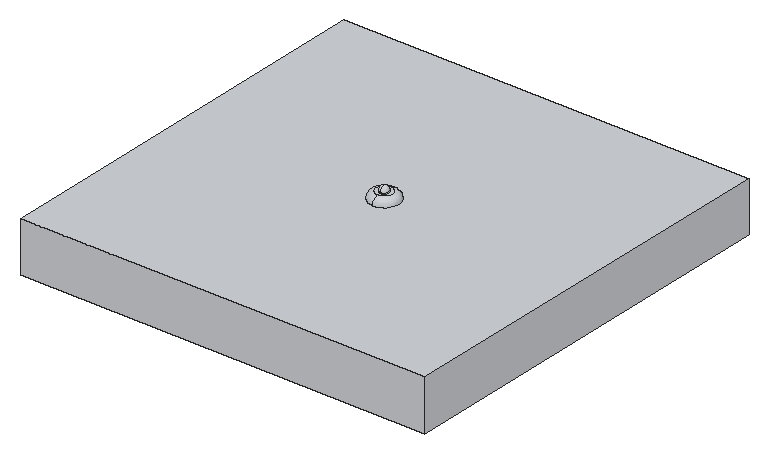
Revit family "M_Alto-falante estroboscópico do alarme de incêndio - Montado no forro", category Dispositivos de alarme de incêndio, Revit 2019
Family settings
  Hospedeiro = Face
  Manter orientação da anotação = Sim
  Cota do conector redondo = Utilizar diâmetro
  Tipo de parte = Normal
  Número OmniClass = 23.85.30.21.11.17
  Título OmniClass = Other Components
  ID de item do Seek = Fire Alarm Strobe Speaker - Ceiling Mounted-0000-CAN-ENU
  Corte com vazios quando carregada = Não
  Compartilhado = Não
  Ponto de cálculo do ambiente = Não
Parameters (values of type "Padrão")
  Material do alto-falante = none
  Elevação-padrão = 1200 mm
Reference planes
  plane 1 "Centro (Frente/Trás)": y = 0
  plane 2: z = 0
  plane 3 "Centro (Esquerda/Direita)": x = 0
  plane 4: z = -46.736
  plane 5: z = 40.64
  plane 6: z = 71.882
  plane 7: x = 86.36
  plane 8: x = -86.36
  plane 9: y = 86.487
  plane 10: y = -86.487
  plane 11: z = 46.482
Forms (mm)
  Extrusion 1, solid
    sketch origin (0, 0, 0) x (1, 0, 0) y (0, 1, 0)
      loop
        line (-1219.2, 1219.2) -> (-1219.2, -1219.2) -> (1219.2, -1219.2) -> (1219.2, 1219.2) -> (-1219.2, 1219.2)
    from 0 to -304.8
  Extrusion 2, solid, material <- "Material do alto-falante"
    sketch origin (0, 0, 0) x (1, 0, 0) y (0, 1, 0)
      loop
        line (-50.8, 50.8) -> (-50.8, -50.8) -> (50.8, -50.8) -> (50.8, 50.8) -> (-50.8, 50.8)
    from 0 to -46.736
  Revolve 3, solid, material <- "Material do alto-falante"
    sketch origin (0, 0, 0) x (0, 1, 0) y (0, 0, 1)
      loop
        arc (86.487, 0) -> (76.158, 27.18) -> (50.384, 40.64) r 40.925
        line (50.384, 40.64) -> (0, 40.64) -> (0, 0) -> (86.487, 0)
      axis (0, 40.64) -> (0, 0)
    angle from 0 to 360
  Revolve 4, solid, material <- "Material do alto-falante"
    sketch origin (0, 0, 0) x (0, 1, 0) y (0, 0, 1)
      loop
        line (0, 71.882) -> (0, 40.64) -> (25.4, 40.64) -> (25.4, 46.482)
        arc (25.4, 46.482) -> (17.961, 64.443) -> (0, 71.882) r 25.4
      axis (0, 71.882) -> (0, 40.64)
    angle from 0 to 360
Cuts and joins
  joined: Extrusion 2, Revolve 3, Revolve 4
Lines and regions (mm)
  symbolic lines, detail levels fine
    curve 1: arc (0, -25.4, 0) -> (25.4, 0, 0) -> (0, 25.4, 0) r 25.4
    curve 2: arc (0, 25.4, 0) -> (-25.4, 0, 0) -> (0, -25.4, 0) r 25.4
    curve 3: arc (0, 50.384, 0) -> (-50.384, 0, 0) -> (0, -50.384, 0) r 50.384
    curve 4: arc (0, -50.384, 0) -> (50.384, 0, 0) -> (0, 50.384, 0) r 50.384
    curve 5: arc (0, 86.487, 0) -> (86.487, 0, 0) -> (0, -86.487, 0) r 86.487
    curve 6: arc (0, -86.487, 0) -> (-86.487, 0, 0) -> (0, 86.487, 0) r 86.487
Dimensions and locks
  locked: plane 2 to plane 4 at 46.736
  equal spacing: Extrusion 2 sketch curve, plane 3 "Centro (Esquerda/Direita)", Extrusion 2 sketch curve
  locked: Extrusion 2 sketch curve to Extrusion 2 sketch curve at 101.6  (x2)
  equal spacing: Extrusion 2 sketch curve, plane 1 "Centro (Frente/Trás)", Extrusion 2 sketch curve
  locked: plane 5 to plane 2 at 40.64
  locked: plane 6 to plane 2 at 71.882
  equal spacing: plane 8, plane 3 "Centro (Esquerda/Direita)", plane 7
  locked: plane 8 to plane 7 at 172.72
  locked: plane 6 to plane 11 at 25.4
  equal spacing: plane 10, plane 1 "Centro (Frente/Trás)", plane 9
  locked: plane 10 to plane 9 at 172.974
  aligned and locked: plane 2 to Extrusion 1
  aligned and locked: level to Extrusion 1
  aligned and locked: Extrusion 2 to plane 4
  aligned and locked: plane 2 to Extrusion 2
  aligned and locked: Revolve 3 sketch curve to plane 2
  aligned and locked: plane 1 "Centro (Frente/Trás)" to Revolve 3 sketch curve
  aligned and locked: plane 1 "Centro (Frente/Trás)" to Revolve 4 sketch curve  (x2)
  aligned and locked: Revolve 4 sketch curve to plane 5
  aligned and locked: plane 11 to Revolve 4 sketch curve
  aligned and locked: curve 1 to cut or joined group of Extrusion 2, Revolve 3, Revolve 4
  aligned and locked: curve 2 to cut or joined group of Extrusion 2, Revolve 3, Revolve 4
  aligned and locked: curve 3 to cut or joined group of Extrusion 2, Revolve 3, Revolve 4
  aligned and locked: curve 4 to cut or joined group of Extrusion 2, Revolve 3, Revolve 4
  aligned and locked: plane 5 to Revolve 3 sketch curve
  aligned and locked: plane 1 "Centro (Frente/Trás)" to nested 1
  aligned and locked: nested 1 to plane 3 "Centro (Esquerda/Direita)"
Automatic sketch dimensions
  Extrusion 1 sketch curve to Extrusion 1 sketch curve = 2438.4 mm  (x2)
  plane 6 to Revolve 4 sketch curve = 0 mm
  plane 4 to Revolve 4 sketch curve = 16.123 mm
  Revolve 4 sketch curve to plane 6 = 35.173 mm
  Revolve 3 sketch curve to plane 1 "Centro (Frente/Trás)" = 0 mm
  Revolve 3 sketch curve to plane 9 = 0 mm
  Revolve 3 sketch curve to Revolve 3 sketch curve = 40.925 mm
  Revolve 3 sketch curve to plane 4 = 74.93 mm
  Revolve 3 sketch curve to plane 6 = 26.67 mm
  curve 1 to curve 5 = 0 mm  (x2)
  curve 5 to plane 10 = 0 mm
Nested families
  nested 1: "M_Anotação do alto-falante estroboscópico do alarme de incêndio 1" at (0, 0, 0), type "Anotação do alto-falante com estroboscópio do alarme de incêndio", detail levels coarse+medium
Connectors
  electrical at (0, 50.8, -18.694)
    settings: on cut or joined group of Extrusion 2, Revolve 3, Revolve 4, index 1, voltage 0 V, apparent load 0 VA, apparent load phase1 0 VA, apparent load phase2 0 VA, apparent load phase3 0 VA, power factor 1, load classification "Outros", number of poles 1, system type 11, power factor state 1, is connector primary yes, connector utility no, sub classification motor no, connector description ""
Definition of nested family "M_Anotação do alto-falante estroboscópico do alarme de incêndio 1"
  Parameters
    Anotação de legenda = "P"
  Reference planes
    plane 1: y = 0
    plane 2: x = 0
  Lines and regions (mm)
    reference lines
      curve 1: line (-9.871, 0, 0) -> (21.048, 0, 0)
    detail lines
      curve 2: circle (0, 0, 0) r 2.381 normal (0, 0, 1)
  Text (mm)
    label "P" at (-0.959, -0.184, 0), shows "Anotação de legenda"
  Dimensions and locks
    locked: plane 1 to curve 1
    radius of curve 2 = 2.381 mm
    aligned and locked: curve 1 to curve 2
    aligned and locked: plane 2 to curve 2
